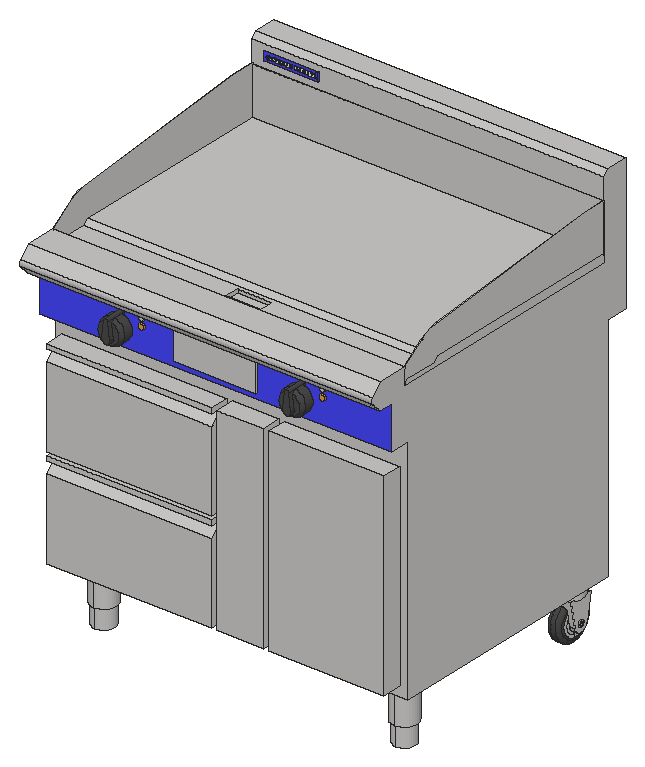
Revit family "QF_MOFFAT_BLUESEAL_CE_EP516-RB", category Specialty Equipment, Revit 2012
Parameters
  Weight in Pounds = 347  # constant formula
  Width [instance] = 900 mm  # constant formula
  Watts = 12000 W
  Volts = 400 V
  URL Cutsheet = "www.moffat.com"
  URL = "www.moffat.com"
  Type Mark [instance] = ""
  Status [instance] = ""
  Specification by User [instance] = ""
  Specification by Manufacturer = ""
  Show Logo [instance] = yes
  Show Door [instance] = no
  Show Clearance [instance] = yes
  Show Casters [instance] = yes
  Serial Number = ""
  Seismic Rating = ""
  SMACNA No = ""
  Revision Code [instance] = ""
  Refrigerant Type [instance] = "R134a"
  Phase = 3
  Omniclass Number and Title = ""
  Number of Poles = 1
  NAFEM Spec ID Number = ""
  Model = "EP516-RB"
  Min Ckt Ampacity = 0 A
  Max Overcurrent Protection = 0 A
  Masterspec = ""
  Manufacturer = "MOFFAT BLUESEAL"
  Legs [instance] = not(Show Casters)  # no
  Item Number [instance] = ""
  Installed By [instance] = ""
  Identify Quantity as Lot [instance] = yes
  Height = 1085 mm  # constant formula
  HP = ""
  Furnished By [instance] = ""
  Foodservice Equipment Identifier [instance] = yes
  FL Amps = 16.6 A
  Electrical Remarks [instance] = "16.6A PER PHASE"
  Elec Conn RI Height = 0 mm
  Elec Conn Connection Height = 0 mm
  Drawer Clearance [instance] = and(Show Clearance, and(Drawer))  # yes
  Drawer [instance] = not(Show Door)  # yes
  Door Clearance [instance] = and(Show Clearance, and(Show Door))  # no
  Description = "900MM ELECTRIC GRIDDLE PLATE ON REFRIGERATED BASE"
  Depth [instance] = 812 mm  # constant formula
  Cycle = 50 Hz
  Conn Plug = ""
  Conn Conduit = yes
  CSI MasterFormat = ""
  CSI Master Format = ""
  Back Splash [instance] = 215 mm  # constant formula
  Apparent Power = if(Phase = 3, Volts * FL Amps * 1.73, Volts * FL Amps)  # 11487.2 VA
Reference planes
  plane 1 "BACK": y = 0
  plane 2: z = 0
  plane 3 "LEFT": x = 0
  plane 4 "RIGHT": x = 900
  plane 5 "FRONT": y = -812
  plane 6 "TOP": z = 970
  plane 7 "Center Y": x = 450
  plane 8 "Center X": y = -406
  plane 9 "Base Height": z = 150
  plane 10: z = 915
  plane 11: x = 65
  plane 12: x = 834
  plane 13: y = -625
  plane 14: x = 770
  plane 15: z = 655
  plane 16: y = -32
  plane 17: z = 402
  plane 18: z = 1085
  plane 19: y = -100
Forms (mm)
  Extrusion 1, solid, material "QF_Finishes_Stainless Steel"
    sketch origin (0, 0, 0) x (0, 1, 0) y (0, 0, 1)
      loop
        line (-697, 150) -> (-57, 150) -> (-57, 740) -> (0, 740) -> (0, 1085) -> (-57.5, 1085) -> (-70, 1072.5) -> (-70, 875) -> (-705, 875) -> (-705, 915) -> (-783.97, 915) -> (-808.485, 890.485)
        arc (-808.485, 890.485) -> (-811.999, 882) -> (-808.485, 873.515) r 12
        line (-808.485, 873.515) -> (-784.97, 850) -> (-749, 850) -> (-749, 740) -> (-697, 740) -> (-697, 150)
    from 0 to 900
  Revolve 2, solid, material "QF_Finishes_Stainless Steel", visible <- "Legs"
    sketch origin (834, -210, 0) x (0, 1, 0) y (0, 0, -1)
      loop
        line (78.25, -150) -> (110, -150) -> (110, 0) -> (82.5, 0) -> (82.5, -50) -> (78.25, -50) -> (78.25, -150)
      axis (110, -150) -> (110, 0)
    angle from 0 to 360
  Revolve 3, solid, material "QF_Finishes_Stainless Steel"
    sketch origin (834, -735, 0) x (0, 1, 0) y (0, 0, -1)
      loop
        line (78.25, -150) -> (110, -150) -> (110, 0) -> (82.5, 0) -> (82.5, -50) -> (78.25, -50) -> (78.25, -150)
      axis (110, -150) -> (110, 0)
    angle from 0 to 360
  Revolve 4, solid, material "QF_Finishes_Stainless Steel", visible <- "Legs"
    sketch origin (65, -210, 0) x (0, 1, 0) y (0, 0, -1)
      loop
        line (78.25, -150) -> (110, -150) -> (110, 0) -> (82.5, 0) -> (82.5, -50) -> (78.25, -50) -> (78.25, -150)
      axis (110, -150) -> (110, 0)
    angle from 0 to 360
  Revolve 5, solid, material "QF_Finishes_Stainless Steel"
    sketch origin (65, -735, 0) x (0, 1, 0) y (0, 0, -1)
      loop
        line (78.25, -150) -> (110, -150) -> (110, 0) -> (82.5, 0) -> (82.5, -50) -> (78.25, -50) -> (78.25, -150)
      axis (110, -150) -> (110, 0)
    angle from 0 to 360
  Extrusion 6, solid, material "QF_Finishes_Stainless Steel"
    sketch origin (0, 0, 740) x (-1, 0, 0) y (0, 1, 0)
      loop
        circle (-770, -32) r 13.5
    from 0 to -1
  Extrusion 7, solid, material "QF_Finishes_Stainless Steel"
    sketch origin (0, -57, 685) x (0, 0, 1) y (1, 0, 0)
      loop
        circle (-265, 620) r 13.5
    from 0 to 3.18
  Extrusion 8, solid, material "QF_Finishes_Stainless Steel"
    sketch origin (0, -749, 866) x (0, 0, -1) y (1, 0, 0)
      loop
        circle (41.2, 262.505) r 7.15
      loop
        circle (41.2, 725.121) r 7.15
    from 0 to 3.18
  Revolve 9, solid, material "QF_Finishes_Black"
    sketch origin (217.5, 0, 597.8) x (0, 1, 0) y (0, 0, -1)
      loop
        line (-789, -229.5) -> (-766, -229.5) -> (-766, -202) -> (-756, -202) -> (-756, -197) -> (-800, -197) -> (-800, -223.651) -> (-789, -229.5)
      axis (-800, -197) -> (-756, -197)
    angle from 0 to 360
  Extrusion 10, solid, material "QF_Finishes_Black"
    sketch origin (355.77, 0, 597.958) x (-1, 0, 0) y (0, 0, -1)
      loop
        line (127.85, -186.037) -> (133.271, -228.955)
        arc (133.271, -228.955) -> (138.27, -233.842) -> (143.268, -228.955) r 5
        line (143.268, -228.955) -> (148.757, -184.87)
        arc (148.757, -184.87) -> (137.685, -174.371) -> (127.85, -186.037) r 10.487
    from 759 to 808
  Revolve 11, solid, material "QF_Finishes_Black"
    sketch origin (680.116, 0, 597.8) x (0, 1, 0) y (0, 0, -1)
      loop
        line (-789, -229.5) -> (-766, -229.5) -> (-766, -202) -> (-756, -202) -> (-756, -197) -> (-800, -197) -> (-800, -223.651) -> (-789, -229.5)
      axis (-800, -197) -> (-756, -197)
    angle from 0 to 360
  Extrusion 12, solid, material "QF_Finishes_Black"
    sketch origin (818.385, 0, 597.958) x (-1, 0, 0) y (0, 0, -1)
      loop
        line (127.85, -186.037) -> (133.271, -228.955)
        arc (133.271, -228.955) -> (138.27, -233.842) -> (143.268, -228.955) r 5
        line (143.268, -228.955) -> (148.757, -184.87)
        arc (148.757, -184.87) -> (137.685, -174.371) -> (127.85, -186.037) r 10.487
    from 759 to 808
  Revolve 13, solid, material "QF_Finishes_Stainless Steel", visible <- "Show Casters"
    sketch origin (485.423, -100.755, -12.798) x (1, 0, 0) y (0, 0, 1)
      loop
        line (314.841, 63.604) -> (383.584, 63.604) -> (383.584, 67.109) -> (382.314, 68.379) -> (380.79, 68.379) -> (380.79, 71.826) -> (368.644, 71.826) -> (368.644, 81.79) -> (365.088, 83.843) -> (363.738, 92.179) -> (365.881, 92.179) -> (365.881, 98.529) -> (365.088, 98.529) -> (365.088, 104.879)
        arc (365.088, 104.879) -> (362.298, 111.614) -> (355.563, 114.404) r 9.525
        line (355.563, 114.404) -> (342.863, 114.404)
        arc (342.863, 114.404) -> (336.127, 111.614) -> (333.338, 104.879) r 9.525
        line (333.338, 104.879) -> (333.338, 98.529) -> (332.544, 98.529) -> (332.544, 92.179) -> (334.687, 92.179) -> (333.352, 83.932) -> (329.782, 81.871) -> (329.782, 71.826) -> (317.635, 71.826) -> (317.635, 68.379) -> (316.111, 68.379) -> (314.841, 67.109) -> (314.841, 63.604)
      axis (314.841, 63.604) -> (383.584, 63.604)
    angle from 0 to 360
  Extrusion 14, solid, material "QF_Finishes_Stainless Steel", visible <- "Show Casters"
    sketch origin (841.147, 132.353, -9.137) x (0, 1, 0) y (0, 0, 1)
      loop
        line (-200.603, 118.783) -> (-264.103, 118.783) -> (-251.746, 53.895)
        arc (-251.746, 53.895) -> (-232.353, 38.783) -> (-212.959, 53.895) r 20
        line (-212.959, 53.895) -> (-200.603, 118.783)
    from -35.667 to 22.923
  Revolve 15, solid, material "QF_Finishes_Stainless Steel", visible <- "Show Casters"
    sketch origin (834.646, -204, -0.354) x (0, 1, 0) y (0, 0, 1)
      loop
        line (68.25, 150) -> (68.25, 110) -> (104, 110) -> (104, 150) -> (68.25, 150)
      axis (104, 150) -> (104, 110)
    angle from 0 to 360
  Revolve 16, solid, material "QF_Finishes_Stainless Steel", visible <- "Show Casters"
    sketch origin (-283.577, -100.755, -12.798) x (1, 0, 0) y (0, 0, 1)
      loop
        line (314.841, 63.604) -> (383.584, 63.604) -> (383.584, 67.109) -> (382.314, 68.379) -> (380.79, 68.379) -> (380.79, 71.826) -> (368.644, 71.826) -> (368.644, 81.79) -> (365.088, 83.843) -> (363.738, 92.179) -> (365.881, 92.179) -> (365.881, 98.529) -> (365.088, 98.529) -> (365.088, 104.879)
        arc (365.088, 104.879) -> (362.298, 111.614) -> (355.563, 114.404) r 9.525
        line (355.563, 114.404) -> (342.863, 114.404)
        arc (342.863, 114.404) -> (336.127, 111.614) -> (333.338, 104.879) r 9.525
        line (333.338, 104.879) -> (333.338, 98.529) -> (332.544, 98.529) -> (332.544, 92.179) -> (334.687, 92.179) -> (333.352, 83.932) -> (329.782, 81.871) -> (329.782, 71.826) -> (317.635, 71.826) -> (317.635, 68.379) -> (316.111, 68.379) -> (314.841, 67.109) -> (314.841, 63.604)
      axis (314.841, 63.604) -> (383.584, 63.604)
    angle from 0 to 360
  Extrusion 17, solid, material "QF_Finishes_Stainless Steel", visible <- "Show Casters"
    sketch origin (72.147, 132.353, -9.137) x (0, 1, 0) y (0, 0, 1)
      loop
        line (-200.603, 118.783) -> (-264.103, 118.783) -> (-251.746, 53.895)
        arc (-251.746, 53.895) -> (-232.353, 38.783) -> (-212.959, 53.895) r 20
        line (-212.959, 53.895) -> (-200.603, 118.783)
    from -35.667 to 22.923
  Revolve 18, solid, material "QF_Finishes_Stainless Steel", visible <- "Show Casters"
    sketch origin (65.646, -204, -0.354) x (0, 1, 0) y (0, 0, 1)
      loop
        line (68.25, 150) -> (68.25, 110) -> (104, 110) -> (104, 150) -> (68.25, 150)
      axis (104, 150) -> (104, 110)
    angle from 0 to 360
  Extrusion 19, solid, material "QF_Finishes_Orange"
    sketch origin (0, -749, 866) x (0, 0, -1) y (1, 0, 0)
      loop
        circle (61.2, 262.505) r 7.15
      loop
        circle (61.2, 725.121) r 7.15
    from 0 to 3.18
  Extrusion 20, solid, material "QF_Finishes_Stainless Steel"
    sketch origin (0, -749, 866) x (0, 0, -1) y (1, 0, 0)
      loop
        line (112.1, 345) -> (112.1, 555) -> (25.201, 555) -> (25.201, 345) -> (112.1, 345)
    from 0 to 2
  Extrusion 21, solid, material "QF_Finishes_Stainless Steel"
    sketch origin (0, -751, 866) x (0, 0, -1) y (1, 0, 0)
      loop
        line (31, 555) -> (24, 555) -> (24, 345) -> (31, 345) -> (31, 555)
    from 0 to 5
  Extrusion 22, solid, material "QF_Finishes_Stainless Steel"
    sketch origin (0, 0, 0) x (0, 1, 0) y (0, 0, 1)
      loop
        line (-699, 678) -> (-747, 678) -> (-747, 665) -> (-715.13, 665) -> (-749, 636.579) -> (-749, 431) -> (-699, 431) -> (-699, 678)
      loop
        line (-749, 175) -> (-699, 175) -> (-699, 421) -> (-747, 421) -> (-747, 408) -> (-715.13, 408) -> (-749, 379.579) -> (-749, 175)
    from 17.986 to 440
  Extrusion 23, solid, material "QF_Finishes_Stainless Steel"
    sketch origin (723.5, 0, 0) x (0, 1, 0) y (0, 0, 1)
      loop
        line (-699, 678) -> (-749, 678) -> (-749, 175) -> (-699, 175) -> (-699, 678)
    from -270.5 to -150.5
  Extrusion 24, solid, material "QF_Door-Drawer Clearances", visible <- "Show Clearance", detail levels coarse
    sketch origin (0, -749, 676) x (0, 0, -1) y (1, 0, 0)
      loop
        line (501, 440) -> (255, 440) -> (255, 17.986) -> (501, 17.986) -> (501, 440)
      loop
        line (245, 440) -> (-2, 440) -> (-2, 17.986) -> (245, 17.986) -> (245, 440)
    from 0 to 304.8
  Extrusion 25, solid, material "QF_Finishes_Stainless Steel"
    sketch origin (1031.5, 0, 0) x (0, 1, 0) y (0, 0, 1)
      loop
        line (-699, 678) -> (-749, 678) -> (-749, 175) -> (-699, 175) -> (-699, 678)
    from -444.5 to -150.5
Cuts and joins
  joined: Extrusion 20, Extrusion 21
Lines and regions (mm)
  Split face 1
    outline origin (0, 612.322, 1085) x (0, -1, 0) y (1, 0, 0)
      loop
        arc (657.707, 566) -> (652.707, 574.66) -> (642.707, 574.66) r 10
        line (642.707, 574.66) -> (635.707, 570.619)
        arc (635.707, 570.619) -> (632.047, 566.959) -> (630.707, 561.959) r 10
        line (630.707, 561.959) -> (630.707, 334)
        arc (630.707, 334) -> (635.707, 325.34) -> (645.707, 325.34) r 10
        line (645.707, 325.34) -> (652.707, 329.381)
        arc (652.707, 329.381) -> (656.368, 333.041) -> (657.707, 338.041) r 10
        line (657.707, 338.041) -> (657.707, 566)
  Split face 2
    outline origin (0, 612.322, 1085) x (0, -1, 0) y (1, 0, 0)
      loop
        arc (630.707, 624) -> (635.707, 615.34) -> (645.707, 615.34) r 10
        line (645.707, 615.34) -> (652.707, 619.381)
        arc (652.707, 619.381) -> (656.368, 623.041) -> (657.707, 628.041) r 10
        line (657.707, 628.041) -> (657.707, 856)
        arc (657.707, 856) -> (652.707, 864.66) -> (642.707, 864.66) r 10
        line (642.707, 864.66) -> (635.707, 860.619)
        arc (635.707, 860.619) -> (632.047, 856.959) -> (630.707, 851.959) r 10
        line (630.707, 851.959) -> (630.707, 624)
  Split face 3
    outline origin (0, 612.322, 1085) x (0, -1, 0) y (1, 0, 0)
      loop
        arc (657.707, 276) -> (652.707, 284.66) -> (642.707, 284.66) r 10
        line (642.707, 284.66) -> (635.707, 280.619)
        arc (635.707, 280.619) -> (632.047, 276.959) -> (630.707, 271.959) r 10
        line (630.707, 271.959) -> (630.707, 44)
        arc (630.707, 44) -> (635.707, 35.34) -> (645.707, 35.34) r 10
        line (645.707, 35.34) -> (652.707, 39.381)
        arc (652.707, 39.381) -> (656.368, 43.041) -> (657.707, 48.041) r 10
        line (657.707, 48.041) -> (657.707, 276)
  Split face 4
    outline origin (345, -751, 753.9) x (0, 0, -1) y (1, 0, 0)
      loop
        arc (-69, 112) -> (-73, 116) -> (-77, 112) r 4
        line (-77, 112) -> (-77, 98)
        arc (-77, 98) -> (-73, 94) -> (-69, 98) r 4
        line (-69, 98) -> (-69, 112)
  Split face 5
    outline origin (1031.5, -749, 676) x (0, 0, -1) y (1, 0, 0)
      loop
        line (291.62, -416.534) -> (481.62, -416.534) -> (481.62, -181.534) -> (291.62, -181.534) -> (291.62, -416.534)
  Split face 6
    outline origin (1031.5, -749, 931) x (0, 0, -1) y (1, 0, 0)
      loop
        line (291.62, -416.534) -> (356.62, -416.534) -> (356.62, -181.534) -> (291.62, -181.534) -> (291.62, -416.534)
  Split face 7
    outline origin (1031.5, -749, 807.725) x (0, 0, -1) y (1, 0, 0)
      loop
        line (307.841, -274.649) -> (342.841, -274.649) -> (342.841, -219.649) -> (307.841, -219.649) -> (307.841, -274.649)
  Split face 8
    outline origin (939.097, -749, 808.536) x (0, 0, -1) y (1, 0, 0)
      loop
        line (307.841, -274.649) -> (342.841, -274.649) -> (342.841, -239.649) -> (307.841, -239.649) -> (307.841, -274.649)
  symbolic lines
    curve 1: line (0, 0, 0) -> (0, -812, 0)
    curve 2: line (900, 0, 0) -> (0, 0, 0)
    curve 3: line (900, -812, 0) -> (900, 0, 0)
    curve 4: line (0, -812, 0) -> (900, -812, 0)
    curve 13: line (0, -783.97, 0) -> (900, -783.97, 0)
    curve 14: line (44, -18.385, 0) -> (271.959, -18.385, 0)
    curve 15: arc (271.959, -18.385, 0) -> (276.959, -19.725, 0) -> (280.619, -23.385, 0) r 10
    curve 16: line (280.619, -23.385, 0) -> (284.66, -30.385, 0)
    curve 17: arc (284.66, -30.385, 0) -> (284.66, -40.385, 0) -> (276, -45.385, 0) r 10
    curve 18: line (276, -45.385, 0) -> (48.041, -45.385, 0)
    curve 19: arc (48.041, -45.385, 0) -> (43.041, -44.045, 0) -> (39.381, -40.385, 0) r 10
    curve 20: line (39.381, -40.385, 0) -> (35.34, -33.385, 0)
    curve 21: arc (35.34, -33.385, 0) -> (35.34, -23.385, 0) -> (44, -18.385, 0) r 10
    curve 22: line (561.959, -18.385, 0) -> (334, -18.385, 0)
    curve 23: arc (334, -18.385, 0) -> (325.34, -23.385, 0) -> (325.34, -33.385, 0) r 10
    curve 24: line (325.34, -33.385, 0) -> (329.381, -40.385, 0)
    curve 25: arc (329.381, -40.385, 0) -> (333.041, -44.045, 0) -> (338.041, -45.385, 0) r 10
    curve 26: line (338.041, -45.385, 0) -> (566, -45.385, 0)
    curve 27: arc (566, -45.385, 0) -> (574.66, -40.385, 0) -> (574.66, -30.385, 0) r 10
    curve 28: line (574.66, -30.385, 0) -> (570.619, -23.385, 0)
    curve 29: arc (570.619, -23.385, 0) -> (566.959, -19.725, 0) -> (561.959, -18.385, 0) r 10
    curve 30: line (851.959, -18.385, 0) -> (624, -18.385, 0)
    curve 31: arc (624, -18.385, 0) -> (615.34, -23.385, 0) -> (615.34, -33.385, 0) r 10
    curve 32: line (615.34, -33.385, 0) -> (619.381, -40.385, 0)
    curve 33: arc (619.381, -40.385, 0) -> (623.041, -44.045, 0) -> (628.041, -45.385, 0) r 10
    curve 34: line (628.041, -45.385, 0) -> (856, -45.385, 0)
    curve 35: arc (856, -45.385, 0) -> (864.66, -40.385, 0) -> (864.66, -30.385, 0) r 10
    curve 36: line (864.66, -30.385, 0) -> (860.619, -23.385, 0)
    curve 37: arc (860.619, -23.385, 0) -> (856.959, -19.725, 0) -> (851.959, -18.385, 0) r 10
    curve 38: line (900, -57, 0) -> (0, -57, 0)
  symbolic lines, style "SpecialityEquipmentHiddenLines", visible <- "Show Casters"
    curve 5: line (875.952, -62.61, 0) -> (825.152, -150.598, 0)
    curve 6: line (848.456, -46.735, 0) -> (875.952, -62.61, 0)
    curve 7: line (797.656, -134.723, 0) -> (848.456, -46.735, 0)
    curve 8: line (825.152, -150.598, 0) -> (797.656, -134.723, 0)
    curve 9: line (106.952, -62.61, 0) -> (56.152, -150.598, 0)
    curve 10: line (79.456, -46.735, 0) -> (106.952, -62.61, 0)
    curve 11: line (28.656, -134.723, 0) -> (79.456, -46.735, 0)
    curve 12: line (56.152, -150.598, 0) -> (28.656, -134.723, 0)
Dimensions and locks
  equal spacing: plane 3 "LEFT", plane 7 "Center Y", plane 4 "RIGHT"
  "Width": plane 3 "LEFT" to plane 4 "RIGHT"
  equal spacing: plane 5 "FRONT", plane 8 "Center X", plane 1 "BACK"
  "Depth": plane 5 "FRONT" to plane 1 "BACK"
  locked: plane 10 to level at 915
  locked: plane 9 "Base Height" to level at 150
  plane 6 "TOP" to plane 10 = 55 mm
  plane 12 to plane 11 = 769 mm
  plane 14 to plane 4 "RIGHT" = 130 mm
  plane 15 to level = 655 mm
  plane 16 to plane 1 "BACK" = 32 mm
  plane 17 to level = 402 mm
  Revolve 13 sketch curve to Revolve 13 sketch curve = 50.8 mm
  Revolve 16 sketch curve to Revolve 16 sketch curve = 50.8 mm
  "Height": plane 18 to level
  aligned and locked: level to plane 2
Automatic sketch dimensions
  plane 1 "BACK" to curve 1 = 0 mm
  curve 1 to plane 3 "LEFT" = 0 mm
  curve 4 to plane 4 "RIGHT" = 0 mm
  plane 5 "FRONT" to curve 1 = 0 mm
  plane 3 "LEFT" to curve 11 = 28.656 mm
  curve 21 to plane 16 = 1.385 mm
  curve 21 to plane 11 = 29.66 mm
  curve 20 to plane 16 = 8.385 mm
  curve 21 to curve 20 = 4.041 mm
  plane 16 to curve 21 = 3.615 mm
  curve 21 to curve 21 = 8.66 mm
  curve 20 to curve 19 = 8.66 mm
  curve 9 to plane 11 = 8.848 mm
  plane 11 to curve 11 = 14.456 mm
  curve 9 to curve 15 = 165.007 mm
  curve 15 to curve 18 = 4.041 mm
  plane 16 to curve 15 = 8.615 mm
  curve 14 to curve 15 = 8.66 mm
  plane 16 to curve 17 = 1.615 mm
  curve 16 to curve 17 = 4.041 mm
  curve 23 to plane 16 = 1.385 mm
  curve 16 to curve 23 = 40.679 mm
  curve 24 to curve 25 = 4.041 mm
  curve 23 to curve 22 = 8.66 mm
  curve 25 to curve 26 = 8.66 mm
  plane 16 to curve 29 = 13.615 mm
  curve 29 to curve 26 = 4.041 mm
  plane 16 to curve 29 = 8.615 mm
  curve 22 to curve 29 = 8.66 mm
  plane 16 to curve 28 = 1.615 mm
  curve 28 to curve 28 = 4.041 mm
  curve 32 to curve 34 = 8.66 mm
  plane 14 to curve 8 = 27.656 mm
  plane 12 to curve 5 = 8.848 mm
  curve 6 to plane 12 = 14.456 mm
  curve 30 to plane 12 = 17.959 mm
  curve 6 to curve 35 = 7.544 mm
  plane 16 to curve 36 = 8.615 mm
  curve 30 to curve 36 = 8.66 mm
  plane 16 to curve 35 = 1.615 mm
  curve 36 to curve 35 = 4.041 mm
  curve 13 to plane 5 "FRONT" = 28.03 mm
  plane 19 to curve 8 = 50.598 mm
  plane 19 to curve 9 = 50.598 mm
  curve 9 to curve 12 = 15.875 mm
  curve 5 to curve 7 = 15.875 mm
  curve 38 to plane 16 = 25 mm
  curve 6 to curve 35 = 1.35 mm
  curve 25 to plane 16 = 13.385 mm
  curve 19 to curve 20 = 5 mm
  curve 25 to curve 24 = 7 mm
  curve 32 to plane 16 = 8.385 mm
  curve 32 to plane 16 = 1.385 mm
  plane 16 to curve 37 = 3.615 mm
  Extrusion 1 sketch curve to plane 10 = 0 mm
  Extrusion 1 sketch curve to plane 9 "Base Height" = 0 mm
  Extrusion 1 sketch curve to plane 18 = 0 mm
  Extrusion 1 sketch curve to plane 1 "BACK" = 0 mm
  Extrusion 1 sketch curve to plane 16 = 25 mm
  Extrusion 1 sketch curve to plane 16 = 25.5 mm
  Extrusion 1 sketch curve to plane 19 = 30 mm
  Extrusion 1 sketch curve to plane 13 = 72 mm
  Extrusion 1 sketch curve to plane 13 = 80 mm
  Extrusion 1 sketch curve to Extrusion 1 sketch curve = 44 mm
  Extrusion 1 sketch curve to plane 5 "FRONT" = 28.03 mm
  Extrusion 1 sketch curve to plane 5 "FRONT" = 27.03 mm
  Extrusion 1 sketch curve to plane 5 "FRONT" = 12.001 mm
  Extrusion 1 sketch curve to plane 5 "FRONT" = 3.515 mm  (x2)
  plane 15 to Extrusion 1 sketch curve = 85 mm  (x2)
  Extrusion 1 sketch curve to plane 10 = 65 mm
  Extrusion 1 sketch curve to Extrusion 1 sketch curve = 23.515 mm
  Extrusion 1 sketch curve to Extrusion 1 sketch curve = 40 mm
  Extrusion 1 sketch curve to Extrusion 1 sketch curve = 8.485 mm
  Extrusion 1 sketch curve to plane 18 = 12.5 mm
  Revolve 2 sketch curve to plane 9 "Base Height" = 0 mm
  Revolve 2 sketch curve to level = 0 mm
  Revolve 2 sketch curve to plane 19 = 0 mm  (x2)
  plane 19 to Revolve 2 sketch curve = 27.5 mm
  plane 19 to Revolve 2 sketch curve = 31.75 mm
  level to Revolve 2 sketch curve = 50 mm
  Revolve 2 sketch curve to Revolve 2 sketch curve = 0 mm
  Revolve 2 sketch curve to Revolve 2 sketch curve = 55 mm
  Revolve 3 sketch curve to plane 9 "Base Height" = 0 mm
  Revolve 3 sketch curve to level = 0 mm
  Revolve 3 sketch curve to plane 13 = 0 mm  (x2)
  Revolve 3 sketch curve to plane 13 = 27.5 mm
  Revolve 3 sketch curve to plane 13 = 31.75 mm
  level to Revolve 3 sketch curve = 50 mm
  Revolve 3 sketch curve to Revolve 3 sketch curve = 0 mm
  Revolve 3 sketch curve to Revolve 3 sketch curve = 55 mm
  Revolve 4 sketch curve to plane 9 "Base Height" = 0 mm
  Revolve 4 sketch curve to level = 0 mm
  Revolve 4 sketch curve to plane 19 = 0 mm  (x2)
  plane 19 to Revolve 4 sketch curve = 27.5 mm
  plane 19 to Revolve 4 sketch curve = 31.75 mm
  level to Revolve 4 sketch curve = 50 mm
  Revolve 4 sketch curve to Revolve 4 sketch curve = 0 mm
  Revolve 4 sketch curve to Revolve 4 sketch curve = 55 mm
  Revolve 5 sketch curve to plane 9 "Base Height" = 0 mm
  Revolve 5 sketch curve to level = 0 mm
  Revolve 5 sketch curve to plane 13 = 0 mm  (x2)
  Revolve 5 sketch curve to plane 13 = 27.5 mm
  Revolve 5 sketch curve to plane 13 = 31.75 mm
  level to Revolve 5 sketch curve = 50 mm
  Revolve 5 sketch curve to Revolve 5 sketch curve = 0 mm
  Revolve 5 sketch curve to Revolve 5 sketch curve = 55 mm
  Extrusion 6 sketch curve to Extrusion 1 = 25 mm
  Extrusion 6 sketch curve to Extrusion 1 = 130 mm
  Extrusion 1 to Extrusion 7 sketch curve = 270 mm
  Extrusion 1 to Extrusion 7 sketch curve = 280 mm
  Extrusion 8 sketch curve to Extrusion 1 = 25.2 mm  (x2)
  Extrusion 1 to Extrusion 8 sketch curve = 262.505 mm
  Extrusion 1 to Extrusion 8 sketch curve = 174.879 mm
  Revolve 9 sketch curve to plane 5 "FRONT" = 12 mm
  Revolve 9 sketch curve to Revolve 9 sketch curve = 0 mm  (x2)
  Revolve 9 sketch curve to Revolve 9 sketch curve = 11 mm
  Revolve 9 sketch curve to Revolve 9 sketch curve = 12.7 mm
  Revolve 9 sketch curve to Revolve 9 sketch curve = 23 mm
  Revolve 9 sketch curve to Revolve 9 sketch curve = 10 mm
  Revolve 9 sketch curve to plane 10 = 87.7 mm
  Revolve 9 sketch curve to Revolve 9 sketch curve = 5.849 mm
  Revolve 9 sketch curve to Revolve 9 sketch curve = 27.5 mm
  Revolve 9 sketch curve to Revolve 9 sketch curve = 5 mm
  plane 11 to Extrusion 10 sketch curve = 162.919 mm
  Extrusion 10 sketch curve to Extrusion 10 sketch curve = 5.421 mm
  Extrusion 10 sketch curve to Extrusion 10 sketch curve = 10.419 mm
  Extrusion 10 sketch curve to Extrusion 10 sketch curve = 4.999 mm  (x2)
  Extrusion 10 sketch curve to plane 10 = 88.087 mm
  Extrusion 10 sketch curve to Extrusion 10 sketch curve = 10.487 mm
  Extrusion 10 sketch curve to Extrusion 10 sketch curve = 0.113 mm
  Extrusion 10 sketch curve to Extrusion 10 sketch curve = 42.919 mm
  Extrusion 10 sketch curve to Extrusion 10 sketch curve = 1.167 mm
  Revolve 11 sketch curve to plane 5 "FRONT" = 12 mm
  Revolve 11 sketch curve to Revolve 11 sketch curve = 0 mm  (x2)
  Revolve 11 sketch curve to Revolve 11 sketch curve = 11 mm
  Revolve 11 sketch curve to Revolve 11 sketch curve = 12.7 mm
  Revolve 11 sketch curve to Revolve 11 sketch curve = 23 mm
  Revolve 11 sketch curve to Revolve 11 sketch curve = 10 mm
  Revolve 11 sketch curve to plane 10 = 87.7 mm
  Revolve 11 sketch curve to Revolve 11 sketch curve = 5.849 mm
  Revolve 11 sketch curve to Revolve 11 sketch curve = 27.5 mm
  Revolve 11 sketch curve to Revolve 11 sketch curve = 5 mm
  Extrusion 12 sketch curve to Extrusion 12 sketch curve = 5.421 mm
  Extrusion 12 sketch curve to Extrusion 12 sketch curve = 10.419 mm
  Extrusion 12 sketch curve to Extrusion 12 sketch curve = 4.999 mm  (x2)
  Extrusion 12 sketch curve to Extrusion 12 sketch curve = 10.487 mm
  Extrusion 12 sketch curve to plane 10 = 88.087 mm
  Extrusion 12 sketch curve to Extrusion 12 sketch curve = 0.113 mm
  Extrusion 12 sketch curve to Extrusion 12 sketch curve = 42.919 mm
  Extrusion 12 sketch curve to Extrusion 12 sketch curve = 1.167 mm
  plane 14 to Revolve 13 sketch curve = 30.264 mm
  Revolve 13 sketch curve to Revolve 13 sketch curve = 1.27 mm  (x4)
  Revolve 13 sketch curve to Revolve 13 sketch curve = 1.524 mm  (x2)
  Revolve 13 sketch curve to Revolve 13 sketch curve = 12.146 mm  (x2)
  plane 12 to Revolve 13 sketch curve = 16.033 mm
  Revolve 13 sketch curve to Revolve 13 sketch curve = 0.794 mm  (x2)
  Revolve 13 sketch curve to Revolve 13 sketch curve = 3.57 mm
  Revolve 13 sketch curve to Revolve 13 sketch curve = 2.143 mm
  plane 12 to Revolve 13 sketch curve = 5.715 mm
  Revolve 13 sketch curve to plane 12 = 5.776 mm
  Revolve 13 sketch curve to plane 12 = 6.985 mm
  Revolve 13 sketch curve to Revolve 13 sketch curve = 8.176 mm
  Revolve 13 sketch curve to Revolve 13 sketch curve = 1.349 mm  (x2)
  Revolve 13 sketch curve to Revolve 13 sketch curve = 3.556 mm
  Revolve 13 sketch curve to plane 4 "RIGHT" = 2.327 mm
  level to Revolve 13 sketch curve = 50.806 mm
  Revolve 13 sketch curve to Revolve 13 sketch curve = 0 mm
  Revolve 13 sketch curve to Revolve 13 sketch curve = 3.505 mm  (x2)
  Revolve 13 sketch curve to Revolve 13 sketch curve = 3.447 mm  (x2)
  Revolve 13 sketch curve to Revolve 13 sketch curve = 9.964 mm
  Revolve 13 sketch curve to Revolve 13 sketch curve = 10.045 mm
  Revolve 13 sketch curve to Revolve 13 sketch curve = 2.053 mm
  Revolve 13 sketch curve to Revolve 13 sketch curve = 2.061 mm
  Revolve 13 sketch curve to Revolve 13 sketch curve = 8.247 mm
  Revolve 13 sketch curve to Revolve 13 sketch curve = 8.336 mm
  Revolve 13 sketch curve to Revolve 13 sketch curve = 6.35 mm  (x2)
  Extrusion 14 sketch curve to plane 19 = 0 mm
  plane 19 to Extrusion 14 sketch curve = 19.393 mm
  plane 19 to Extrusion 14 sketch curve = 31.75 mm
  Extrusion 14 sketch curve to plane 19 = 19.393 mm
  Extrusion 14 sketch curve to plane 19 = 31.75 mm
  level to Extrusion 14 sketch curve = 44.758 mm
  Extrusion 14 sketch curve to Extrusion 14 sketch curve = 4.889 mm
  Extrusion 14 sketch curve to plane 9 "Base Height" = 40.354 mm
  Revolve 15 sketch curve to plane 19 = 0 mm  (x2)
  Revolve 15 sketch curve to plane 9 "Base Height" = 0.354 mm
  Revolve 15 sketch curve to Revolve 15 sketch curve = 35.75 mm
  Revolve 15 sketch curve to Revolve 15 sketch curve = 40 mm
  level to Revolve 15 sketch curve = 49.646 mm
  Revolve 15 sketch curve to level = 55.354 mm
  plane 3 "LEFT" to Revolve 16 sketch curve = 31.264 mm
  Revolve 16 sketch curve to Revolve 16 sketch curve = 1.27 mm  (x4)
  Revolve 16 sketch curve to Revolve 16 sketch curve = 1.524 mm  (x2)
  Revolve 16 sketch curve to Revolve 16 sketch curve = 12.146 mm  (x2)
  Revolve 16 sketch curve to plane 11 = 16.033 mm
  Revolve 16 sketch curve to Revolve 16 sketch curve = 0.794 mm  (x2)
  Revolve 16 sketch curve to Revolve 16 sketch curve = 3.57 mm
  Revolve 16 sketch curve to Revolve 16 sketch curve = 2.143 mm
  Revolve 16 sketch curve to plane 11 = 5.715 mm
  plane 11 to Revolve 16 sketch curve = 5.776 mm
  plane 11 to Revolve 16 sketch curve = 6.985 mm
  Revolve 16 sketch curve to Revolve 16 sketch curve = 8.176 mm
  Revolve 16 sketch curve to Revolve 16 sketch curve = 1.349 mm  (x2)
  Revolve 16 sketch curve to Revolve 16 sketch curve = 3.556 mm
  Revolve 16 sketch curve to Revolve 16 sketch curve = 33.32 mm
  level to Revolve 16 sketch curve = 50.806 mm
  Revolve 16 sketch curve to Revolve 16 sketch curve = 0 mm
  Revolve 16 sketch curve to Revolve 16 sketch curve = 3.505 mm  (x2)
  Revolve 16 sketch curve to Revolve 16 sketch curve = 3.447 mm  (x2)
  Revolve 16 sketch curve to Revolve 16 sketch curve = 9.964 mm
  Revolve 16 sketch curve to Revolve 16 sketch curve = 10.045 mm
  Revolve 16 sketch curve to Revolve 16 sketch curve = 2.053 mm
  Revolve 16 sketch curve to Revolve 16 sketch curve = 2.061 mm
  Revolve 16 sketch curve to Revolve 16 sketch curve = 8.247 mm
  Revolve 16 sketch curve to Revolve 16 sketch curve = 8.336 mm
  Revolve 16 sketch curve to Revolve 16 sketch curve = 6.35 mm  (x2)
  Extrusion 17 sketch curve to plane 19 = 0 mm
  plane 19 to Extrusion 17 sketch curve = 19.393 mm
  plane 19 to Extrusion 17 sketch curve = 31.75 mm
  Extrusion 17 sketch curve to plane 19 = 19.393 mm
  Extrusion 17 sketch curve to plane 19 = 31.75 mm
  level to Extrusion 17 sketch curve = 44.758 mm
  Extrusion 17 sketch curve to Extrusion 17 sketch curve = 4.889 mm
  Extrusion 17 sketch curve to plane 9 "Base Height" = 40.354 mm
  Revolve 18 sketch curve to plane 19 = 0 mm  (x2)
  Revolve 18 sketch curve to plane 9 "Base Height" = 0.354 mm
  plane 19 to Revolve 18 sketch curve = 35.75 mm
  Revolve 18 sketch curve to Revolve 18 sketch curve = 40 mm
  level to Revolve 18 sketch curve = 49.646 mm
  Revolve 18 sketch curve to level = 55.354 mm
  Split face 1 sketch curve to Extrusion 1 = 18.385 mm
  Split face 1 sketch curve to Split face 1 sketch curve = 5 mm  (x2)
  Split face 1 sketch curve to Split face 1 sketch curve = 10 mm  (x3)
  Split face 1 sketch curve to Split face 1 sketch curve = 7 mm  (x4)
  Split face 1 sketch curve to Extrusion 1 = 325.34 mm
  Split face 1 sketch curve to Split face 1 sketch curve = 4.041 mm  (x2)
  Split face 1 sketch curve to Split face 1 sketch curve = 223.917 mm
  Split face 2 sketch curve to Extrusion 1 = 18.385 mm
  Split face 2 sketch curve to Split face 2 sketch curve = 5 mm  (x3)
  Split face 2 sketch curve to Split face 2 sketch curve = 10 mm  (x2)
  Split face 2 sketch curve to Split face 2 sketch curve = 7 mm  (x4)
  Split face 2 sketch curve to Extrusion 1 = 284.66 mm
  Split face 2 sketch curve to Split face 2 sketch curve = 4.041 mm  (x2)
  Split face 2 sketch curve to Extrusion 1 = 48.041 mm
  Split face 3 sketch curve to Extrusion 1 = 18.385 mm
  Split face 3 sketch curve to Split face 3 sketch curve = 5 mm  (x2)
  Split face 3 sketch curve to Split face 3 sketch curve = 10 mm  (x3)
  Split face 3 sketch curve to Split face 3 sketch curve = 7 mm  (x4)
  Split face 3 sketch curve to Extrusion 1 = 35.34 mm
  Split face 3 sketch curve to Split face 3 sketch curve = 4.041 mm  (x2)
  Split face 3 sketch curve to Split face 3 sketch curve = 223.917 mm
  Extrusion 19 sketch curve to Extrusion 1 = 45.2 mm  (x2)
  Extrusion 1 to Extrusion 19 sketch curve = 262.505 mm
  Extrusion 1 to Extrusion 19 sketch curve = 174.879 mm
  Extrusion 20 sketch curve to Extrusion 1 = 9.201 mm
  Extrusion 20 sketch curve to Extrusion 1 = 13.9 mm
  Extrusion 1 to Extrusion 20 sketch curve = 345 mm
  Extrusion 20 sketch curve to Extrusion 20 sketch curve = 210 mm
  Extrusion 21 sketch curve to Extrusion 20 = 0 mm  (x2)
  Extrusion 20 to Extrusion 21 sketch curve = 1.201 mm
  Extrusion 21 sketch curve to Extrusion 20 = 5.799 mm
  cut or joined group of Extrusion 20, Extrusion 21 to Split face 4 sketch curve = 4.1 mm
  Split face 4 sketch curve to Split face 4 sketch curve = 4 mm
  Split face 4 sketch curve to cut or joined group of Extrusion 20, Extrusion 21 = 98 mm
  Split face 4 sketch curve to Split face 4 sketch curve = 14 mm
  plane 7 "Center Y" to curve 29 = 111.959 mm
  curve 28 to curve 31 = 40.679 mm
  curve 32 to curve 32 = 4.041 mm
  plane 16 to curve 31 = 3.615 mm
  Extrusion 12 sketch curve to plane 14 = 79.465 mm
  Extrusion 22 sketch curve to plane 15 = 18.421 mm
  Extrusion 22 sketch curve to plane 5 "FRONT" = 63 mm  (x2)
  plane 9 "Base Height" to Extrusion 22 sketch curve = 25 mm
  plane 17 to Extrusion 22 sketch curve = 6 mm
  Extrusion 22 sketch curve to Extrusion 22 sketch curve = 2 mm  (x2)
  plane 15 to Extrusion 22 sketch curve = 10 mm
  Extrusion 22 sketch curve to Extrusion 22 sketch curve = 31.87 mm  (x2)
  Extrusion 22 sketch curve to Extrusion 22 sketch curve = 50 mm
  Extrusion 22 sketch curve to Extrusion 22 sketch curve = 0 mm
  Extrusion 22 sketch curve to plane 17 = 22.421 mm
  plane 17 to Extrusion 22 sketch curve = 19 mm
  Extrusion 22 sketch curve to Extrusion 22 sketch curve = 10 mm
  Extrusion 22 sketch curve to Extrusion 22 sketch curve = 13 mm
  plane 9 "Base Height" to Extrusion 23 sketch curve = 25 mm
  Extrusion 23 sketch curve to plane 5 "FRONT" = 63 mm
  Extrusion 23 sketch curve to Extrusion 23 sketch curve = 50 mm
  plane 15 to Extrusion 23 sketch curve = 23 mm
  Extrusion 24 sketch curve to Extrusion 22 = 0 mm  (x3)
  Extrusion 22 to Extrusion 24 sketch curve = 0 mm  (x2)
  Extrusion 22 to Extrusion 24 sketch curve = 41.421 mm
  Extrusion 22 to Extrusion 24 sketch curve = 10 mm
  Extrusion 24 sketch curve to Extrusion 24 sketch curve = 246 mm
  plane 9 "Base Height" to Extrusion 25 sketch curve = 25 mm
  Extrusion 25 sketch curve to plane 5 "FRONT" = 63 mm
  Extrusion 25 sketch curve to Extrusion 25 sketch curve = 50 mm
  plane 15 to Extrusion 25 sketch curve = 23 mm
  Split face 5 sketch curve to Extrusion 25 = 31.034 mm
  Split face 5 sketch curve to Extrusion 25 = 209.38 mm
  Split face 5 sketch curve to Extrusion 25 = 19.38 mm
  Split face 5 sketch curve to Extrusion 25 = 27.966 mm
  Split face 6 sketch curve to Extrusion 25 = 38.62 mm
  Split face 6 sketch curve to Extrusion 25 = 27.966 mm
  Split face 6 sketch curve to Split face 6 sketch curve = 65 mm
  Split face 6 sketch curve to Extrusion 25 = 31.034 mm
  Split face 7 sketch curve to Extrusion 25 = 69.149 mm
  Split face 7 sketch curve to Extrusion 25 = 178.116 mm
  Split face 7 sketch curve to Split face 7 sketch curve = 35 mm
  Split face 7 sketch curve to Split face 7 sketch curve = 55 mm
  Split face 8 sketch curve to Extrusion 25 = 177.305 mm
  Split face 8 sketch curve to Split face 8 sketch curve = 35 mm  (x2)
  Split face 8 sketch curve to Extrusion 25 = 77.448 mm
  radius of Extrusion 6 sketch curve = 13.5 mm
  radius of Extrusion 7 sketch curve = 13.5 mm
  radius of Extrusion 8 sketch curve = 7.15 mm  (x2)
  radius of Extrusion 19 sketch curve = 7.15 mm  (x2)
Nested families
  nested 1: "WALDORF LOGO_FACE BASE" at (32, -70, 1056.885) x (1, 0, 0) z (0, -1, 0), visible <- "Show Logo", type "WALDORF LOGO_FACE BASE", detail levels medium+fine
    with Show Logo yes
  nested 2: "ELECTRIC GRIDDLE PLATE" at (0, -70, 874.5), type "ELECTRIC GRIDDLE PLATE"
    with Type Mark "", Status "", Specification by User "", Revision Code "", Item Number "", Installed By "", Identify Quantity as Lot yes, Furnished By "", Foodservice Equipment Identifier yes
  nested 3: "ELECTRICAL CONNECTION 2" at (607.581, -57, 407.3), type "ELECTRICAL CONNECTION 2"
    with Type Mark "", Status "", Specification by User "", Revision Code "", Number of Poles 1, Item Number "", Installed By "", Identify Quantity as Lot yes, Furnished By "", Foodservice Equipment Identifier yes, Electrical Remarks "", Electric Connection Type "", Elec Conn RI Height 0 mm, Elec Conn Connection Height 0 mm
Connectors
  electrical at (620, -53.82, 420)
    settings: on Extrusion 7, index 2, voltage 220 V, apparent load 0 VA, apparent load phase1 0 VA, apparent load phase2 0 VA, apparent load phase3 0 VA, power factor 1, load classification "Other", number of poles 1, system type 30, power factor state 1, is connector primary yes, connector utility no, sub classification motor no, connector description "ELECTRICAL CONNECTION"
  electrical at (770, -32, 741), driven by "Volts", driven by "Watts"
    settings: on Extrusion 6, index 3, voltage 400 V, apparent load 12000 VA, apparent load phase1 0 VA, apparent load phase2 0 VA, apparent load phase3 0 VA, power factor 1, load classification "Other", number of poles 1, system type 30, power factor state 1, is connector primary no, connector utility no, sub classification motor no, connector description "ELECTRICAL CONNECTION"
Definition of nested family "WALDORF LOGO_FACE BASE"
  Parameters (values of type "WALDORF LOGO_FACE BASE")
    Show Logo [instance] = yes
    Default Elevation = 1219.2 mm
  Reference planes
    plane 1 "Center (Front/Back)": y = 0
    plane 2: z = 0
    plane 3 "Center (Left/Right)": x = 0
  Forms (mm)
    Extrusion 1, solid
      sketch origin (0, 0, 0) x (1, 0, 0) y (0, 1, 0)
        loop
          line (-1219.2, 1219.2) -> (-1219.2, -1219.2) -> (1219.2, -1219.2) -> (1219.2, 1219.2) -> (-1219.2, 1219.2)
      from 0 to -304.8
    Extrusion 2, solid, material "QF_Finishes_Blue", visible <- "Show Logo"
      sketch origin (0, -33.217, 0) x (1, 0, 0) y (0, 1, 0)
        loop
          arc (138, 31.942) -> (137.626, 32.844) -> (136.724, 33.217) r 1.276
          line (136.724, 33.217) -> (1.29, 33.217)
          arc (1.29, 33.217) -> (0.378, 32.839) -> (0, 31.927) r 1.29
          line (0, 31.927) -> (0, 11.507)
          arc (0, 11.507) -> (0.378, 10.595) -> (1.29, 10.217) r 1.29
          line (1.29, 10.217) -> (136.71, 10.217)
          arc (136.71, 10.217) -> (137.622, 10.595) -> (138, 11.507) r 1.29
          line (138, 11.507) -> (138, 31.942)
      from 0 to 1.588
    Extrusion 3, solid, material "QF_Finishes_White", visible <- "Show Logo"
      sketch origin (0, -33.217, 1.588) x (1, 0, 0) y (0, 1, 0)
        loop
          arc (108.946, 25.919) -> (107.613, 25.367) -> (107.061, 24.034) r 1.885
          line (107.061, 24.034) -> (107.061, 17.211) -> (112.704, 17.211) -> (112.704, 19.129) -> (115.546, 19.129) -> (115.546, 17.211) -> (121.584, 17.211) -> (121.584, 24.075)
          arc (121.584, 24.075) -> (121.043, 25.379) -> (119.739, 25.919) r 1.845
          line (119.739, 25.919) -> (108.946, 25.919)
        loop
          line (123.478, 25.919) -> (123.478, 17.163) -> (134.904, 17.163) -> (134.904, 19.129) -> (129.246, 19.129) -> (129.246, 25.919) -> (123.478, 25.919)
        loop
          line (112.704, 21.258) -> (115.546, 21.258) -> (115.546, 22.702)
          arc (115.546, 22.702) -> (115.344, 23.188) -> (114.858, 23.389) r 0.687
          line (114.858, 23.389) -> (113.363, 23.389)
          arc (113.363, 23.389) -> (112.897, 23.196) -> (112.704, 22.73) r 0.658
          line (112.704, 22.73) -> (112.704, 21.258)
        loop
          line (105.071, 25.919) -> (93.771, 25.919) -> (93.771, 17.163) -> (105.071, 17.163) -> (105.071, 19.063) -> (99.535, 19.063) -> (99.535, 20.437) -> (105.071, 20.437) -> (105.071, 22.278) -> (99.535, 22.278) -> (99.535, 23.587) -> (105.071, 23.587) -> (105.071, 25.919)
        loop
          line (91.104, 25.919) -> (79.541, 25.919)
          arc (79.541, 25.919) -> (78.558, 25.513) -> (78.152, 24.53) r 1.389
          line (78.152, 24.53) -> (78.152, 22.08)
          arc (78.152, 22.08) -> (78.558, 21.098) -> (79.541, 20.691) r 1.389
          line (79.541, 20.691) -> (86.346, 20.691) -> (86.346, 18.864) -> (83.266, 18.864) -> (83.266, 19.664) -> (78.152, 19.664) -> (78.152, 18.553)
          arc (78.152, 18.553) -> (78.558, 17.57) -> (79.541, 17.163) r 1.389
          line (79.541, 17.163) -> (91.063, 17.163)
          arc (91.063, 17.163) -> (92.045, 17.57) -> (92.452, 18.553) r 1.389
          line (92.452, 18.553) -> (92.452, 20.691)
          arc (92.452, 20.691) -> (92.045, 21.673) -> (91.063, 22.08) r 1.389
          line (91.063, 22.08) -> (83.266, 22.08) -> (83.266, 23.984) -> (86.346, 23.984) -> (86.346, 22.743) -> (92.452, 22.743) -> (92.452, 24.571)
          arc (92.452, 24.571) -> (92.057, 25.524) -> (91.104, 25.919) r 1.348
        loop
          line (70.705, 25.919) -> (59.405, 25.919) -> (59.405, 17.163) -> (70.705, 17.163) -> (70.705, 19.063) -> (65.169, 19.063) -> (65.169, 20.437) -> (70.705, 20.437) -> (70.705, 22.278) -> (65.169, 22.278) -> (65.169, 23.587) -> (70.705, 23.587) -> (70.705, 25.919)
        loop
          line (57.598, 25.919) -> (51.7, 25.919) -> (51.7, 20.18)
          arc (51.7, 20.18) -> (50.63, 19.11) -> (49.56, 20.18) r 1.07
          line (49.56, 20.18) -> (49.56, 25.919) -> (43.663, 25.919) -> (43.663, 19.049)
          arc (43.663, 19.049) -> (44.215, 17.716) -> (45.548, 17.163) r 1.885
          line (45.548, 17.163) -> (55.71, 17.163)
          arc (55.71, 17.163) -> (57.045, 17.716) -> (57.598, 19.051) r 1.887
          line (57.598, 19.051) -> (57.598, 25.919)
        loop
          line (31.62, 25.919) -> (31.62, 17.163) -> (43.046, 17.163) -> (43.046, 19.129) -> (37.388, 19.129) -> (37.388, 25.919) -> (31.62, 25.919)
        loop
          line (15.969, 25.919) -> (15.969, 17.163) -> (28.693, 17.163)
          arc (28.693, 17.163) -> (29.812, 17.627) -> (30.276, 18.746) r 1.582
          line (30.276, 18.746) -> (30.276, 20.447) -> (29.48, 21.243) -> (30.276, 22.039) -> (30.276, 24.332)
          arc (30.276, 24.332) -> (29.811, 25.454) -> (28.688, 25.919) r 1.587
          line (28.688, 25.919) -> (15.969, 25.919)
        loop
          line (21.449, 24.159) -> (21.449, 22.436) -> (23.862, 22.436)
          arc (23.862, 22.436) -> (24.723, 23.298) -> (23.862, 24.159) r 0.861
          line (23.862, 24.159) -> (21.449, 24.159)
        loop
          line (21.449, 20.244) -> (21.449, 18.522) -> (23.862, 18.522)
          arc (23.862, 18.522) -> (24.723, 19.383) -> (23.862, 20.244) r 0.861
          line (23.862, 20.244) -> (21.449, 20.244)
      from 0 to 0.2
    Extrusion 4, solid, material "QF_Finishes_Blue", visible <- "Show Logo"
      sketch origin (-126.498, -31.09, 1.588) x (1, 0, 0) y (0, 1, 0)
        loop
          line (136.738, 23.522) -> (136.738, 15.1)
          arc (136.738, 15.1) -> (140.756, 19.311) -> (136.738, 23.522) r 4.216
      from 0 to 0.2
    Extrusion 5, solid, material "QF_Finishes_Red", visible <- "Show Logo"
      sketch origin (146.849, -31.09, 1.588) x (-1, 0, 0) y (0, -1, 0)
        loop
          arc (136.738, -23.522) -> (140.756, -19.311) -> (136.738, -15.1) r 4.216
          line (136.738, -15.1) -> (136.738, -23.522)
      from 0 to 0.2
  Lines and regions (mm)
    Split face 1
      outline origin (-90.35, -30.793, 1.588) x (1, 0, 0) y (0, 1, 0)
        loop
          circle (100.54, 19.013) r 4.536
  Dimensions and locks
    aligned and locked: plane 2 to Extrusion 1
    aligned and locked: level to Extrusion 1
Definition of nested family "ELECTRIC GRIDDLE PLATE"
  Parameters (values of type "ELECTRIC GRIDDLE PLATE")
    Weight in Pounds = 0
    URL Cutsheet = ""
    Type Mark [instance] = ""
    Status [instance] = ""
    Specification by User [instance] = ""
    Specification by Manufacturer = ""
    Serial Number = ""
    Seismic Rating = ""
    SMACNA No = ""
    Revision Code [instance] = ""
    Omniclass Number and Title = ""
    NAFEM Spec ID Number = ""
    Masterspec = ""
    Item Number [instance] = ""
    Installed By [instance] = ""
    Identify Quantity as Lot [instance] = yes
    Furnished By [instance] = ""
    Foodservice Equipment Identifier [instance] = yes
    CSI MasterFormat = ""
    CSI Master Format = ""
  Reference planes
    plane 1 "BACK": y = 0
    plane 2: z = 0
    plane 3 "LEFT": x = 0
    plane 4 "RIGHT": x = 900
    plane 5 "FRONT": y = -635
    plane 6 "TOP": z = 142.5
    plane 7 "Center Y": x = 450
    plane 8 "Center X": y = -317.5
  Forms (mm)
    Extrusion 1, solid, material "QF_Finishes_Stainless Steel"
      sketch origin (0, 70.003, -874.5) x (0, 1, 0) y (0, 0, 1)
        loop
          line (-70, 875) -> (-70, 1017) -> (-127.048, 1017) -> (-605.133, 971.023)
          arc (-605.133, 971.023) -> (-630.16, 965.303) -> (-652.906, 953.399) r 100
          line (-652.906, 953.399) -> (-705.003, 916.5) -> (-705.003, 875) -> (-70, 875)
      from 0 to 1.8
    Extrusion 2, solid, material "QF_Finishes_Stainless Steel"
      sketch origin (900, 0, 0) x (0, -1, 0) y (0, 0, 1)
        loop
          line (57.045, 142.5) -> (-0.003, 142.5) -> (-0.003, 0.5) -> (635, 0.5) -> (635, 42) -> (582.903, 78.899)
          arc (582.903, 78.899) -> (560.157, 90.803) -> (535.13, 96.523) r 100
          line (535.13, 96.523) -> (57.045, 142.5)
      from 0 to 1.8
    Extrusion 3, solid, material "QF_Finishes_Stainless Steel"
      sketch origin (150, 70.003, -874.5) x (0, 1, 0) y (0, 0, 1)
        loop
          line (-70, 895) -> (-601, 895) -> (-611.5, 884.5) -> (-704.403, 884.5) -> (-704.403, 875) -> (-70, 875) -> (-70, 895)
      from -148.2 to 750
    Extrusion 4, void
      sketch origin (150, -541.497, 10) x (0, -1, 0) y (1, 0, 0)
        loop
          line (10.6, 344.25) -> (10.6, 255.75) -> (49.1, 255.75) -> (49.1, 344.25) -> (10.6, 344.25)
      from -41.4 to 40.142
    Extrusion 5, solid, material "QF_Finishes_Stainless Steel"
      sketch origin (150, 0.003, 211.574) x (0, 0, -1) y (1, 0, 0)
        loop
          line (69.074, -148.2) -> (191.074, -148.2) -> (191.074, 750) -> (69.074, 750) -> (69.074, -148.2)
      from 0 to 1.683
  Cuts and joins
    Extrusion 4 cuts Extrusion 3
  Lines and regions (mm)
    symbolic lines
      curve 1: line (900, -530.997, 0) -> (0, -530.997, 0)
      curve 2: line (0, -541.497, 0) -> (900, -541.497, 0)
      curve 3: line (405.75, -552.097, 0) -> (405.75, -590.597, 0)
      curve 4: line (405.75, -590.597, 0) -> (494.25, -590.597, 0)
      curve 5: line (494.25, -590.597, 0) -> (494.25, -552.097, 0)
      curve 6: line (494.25, -552.097, 0) -> (405.75, -552.097, 0)
      curve 7: line (0, 0, 0) -> (900, 0, 0)
      curve 8: line (0, -635, 0) -> (0, 0, 0)
      curve 9: line (0, -635, 0) -> (900, -635, 0)
      curve 10: line (900, -635, 0) -> (900, 0, 0)
  Dimensions and locks
    equal spacing: plane 3 "LEFT", plane 7 "Center Y", plane 4 "RIGHT"
    plane 3 "LEFT" to plane 4 "RIGHT" = 900 mm
    equal spacing: plane 5 "FRONT", plane 8 "Center X", plane 1 "BACK"
    plane 5 "FRONT" to plane 1 "BACK" = 635 mm
    aligned and locked: level to plane 2
    aligned and locked: cut or joined group of Extrusion 3, Extrusion 4 to plane 4 "RIGHT"
    aligned and locked: Extrusion 5 to plane 4 "RIGHT"
  Automatic sketch dimensions
    plane 3 "LEFT" to curve 9 = 0 mm
    curve 4 to plane 7 "Center Y" = 44.25 mm
    plane 7 "Center Y" to curve 5 = 44.25 mm
    curve 3 to plane 5 "FRONT" = 44.403 mm
    curve 3 to curve 3 = 38.5 mm
    curve 2 to plane 5 "FRONT" = 93.503 mm
    curve 2 to curve 1 = 10.5 mm
    plane 1 "BACK" to curve 8 = 0 mm
    Extrusion 1 sketch curve to plane 5 "FRONT" = 0 mm
    Extrusion 1 sketch curve to plane 6 "TOP" = 0 mm
    Extrusion 1 sketch curve to plane 5 "FRONT" = 52.097 mm
    Extrusion 1 sketch curve to plane 6 "TOP" = 45.977 mm
    Extrusion 1 sketch curve to Extrusion 1 sketch curve = 47.773 mm
    Extrusion 1 sketch curve to level = 3.016 mm
    Extrusion 1 sketch curve to Extrusion 1 sketch curve = 9.585 mm
    plane 1 "BACK" to Extrusion 1 sketch curve = 57.045 mm
    Extrusion 1 sketch curve to plane 1 "BACK" = 0.003 mm
    level to Extrusion 1 sketch curve = 0.5 mm
    Extrusion 1 sketch curve to Extrusion 1 sketch curve = 41.5 mm
    Extrusion 3 sketch curve to plane 5 "FRONT" = 0.6 mm
    level to Extrusion 3 sketch curve = 10 mm
    Extrusion 3 sketch curve to Extrusion 3 sketch curve = 92.903 mm
    Extrusion 3 sketch curve to Extrusion 3 sketch curve = 10.5 mm  (x2)
    Extrusion 3 sketch curve to plane 1 "BACK" = 0.003 mm
    level to Extrusion 3 sketch curve = 0.5 mm
    Extrusion 3 to Extrusion 4 sketch curve = 10.6 mm
    Extrusion 4 sketch curve to Extrusion 4 sketch curve = 38.5 mm
    Extrusion 3 to Extrusion 4 sketch curve = 494.25 mm
    Extrusion 4 sketch curve to Extrusion 4 sketch curve = 88.5 mm
    Extrusion 5 sketch curve to plane 6 "TOP" = 0 mm
    level to Extrusion 5 sketch curve = 20.5 mm
    plane 3 "LEFT" to Extrusion 5 sketch curve = 1.8 mm
    plane 7 "Center Y" to Extrusion 5 sketch curve = 450 mm
    plane 5 "FRONT" to curve 9 = 0 mm
    Extrusion 2 sketch curve to plane 6 "TOP" = 0 mm
    Extrusion 2 sketch curve to plane 5 "FRONT" = 0 mm
    Extrusion 2 sketch curve to plane 5 "FRONT" = 52.097 mm
    Extrusion 2 sketch curve to Extrusion 2 sketch curve = 47.773 mm
    Extrusion 2 sketch curve to level = 3.016 mm
    Extrusion 2 sketch curve to Extrusion 2 sketch curve = 57.358 mm
    plane 1 "BACK" to Extrusion 2 sketch curve = 57.045 mm
    Extrusion 2 sketch curve to plane 1 "BACK" = 0.003 mm
    level to Extrusion 2 sketch curve = 0.5 mm
    Extrusion 2 sketch curve to Extrusion 2 sketch curve = 41.5 mm
    Extrusion 2 sketch curve to plane 6 "TOP" = 63.601 mm
    curve 10 to plane 4 "RIGHT" = 0 mm
Definition of nested family "ELECTRICAL CONNECTION 2"
  Parameters (values of type "ELECTRICAL CONNECTION 2")
    Weight in Pounds = 0
    Watts = if(Phase = 3, Volts * FL Amps * 1.73, Volts * FL Amps)  # 414 W
    Volts = 230 V
    URL Cutsheet = ""
    Type Mark [instance] = ""
    Status [instance] = ""
    Specification by User [instance] = ""
    Specification by Manufacturer = ""
    Serial Number = ""
    Seismic Rating = ""
    SMACNA No = ""
    Revision Code [instance] = ""
    Phase = 1
    Omniclass Number and Title = ""
    Number of Poles [instance] = 1
    NAFEM Spec ID Number = ""
    Min Ckt Ampacity = 0 A
    Max Overcurrent Protection = 0 A
    Masterspec = ""
    Item Number [instance] = ""
    Installed By [instance] = ""
    Identify Quantity as Lot [instance] = yes
    HP = ""
    Furnished By [instance] = ""
    Foodservice Equipment Identifier [instance] = yes
    FL Amps = 1.8 A
    Electrical Remarks [instance] = ""
    Electric Connection Type [instance] = ""
    Elec Conn RI Height [instance] = 0 mm
    Elec Conn Connection Height [instance] = 0 mm
    Cycle = 50 Hz
    Conn Plug = ""
    Conn Conduit = yes
    CSI MasterFormat = ""
    CSI Master Format = ""
    Apparent Power = if(Phase = 3, Volts * FL Amps * 1.73, Volts * FL Amps)  # 414 VA
  Reference planes
    plane 1 "BACK": y = 0
    plane 2: z = 0
    plane 3 "LEFT": x = 0
    plane 4 "RIGHT": x = 25.4
    plane 5 "FRONT": y = -25.4
    plane 6 "TOP": z = 25.4
    plane 7 "Center Y": x = 12.7
    plane 8 "Center X": y = -12.7
  Forms (mm)
    Extrusion 1, solid, material "QF_Finishes_Stainless Steel"
      sketch origin (0, 0, 0) x (1, 0, 0) y (0, 1, 0)
        loop
          line (0, 0) -> (0, -25.4) -> (25.4, -25.4) -> (25.4, 0) -> (0, 0)
      from 0 to 25.4
  Dimensions and locks
    equal spacing: plane 3 "LEFT", plane 7 "Center Y", plane 4 "RIGHT"
    plane 3 "LEFT" to plane 4 "RIGHT" = 25.4 mm
    equal spacing: plane 5 "FRONT", plane 8 "Center X", plane 1 "BACK"
    plane 5 "FRONT" to plane 1 "BACK" = 25.4 mm
    aligned and locked: level to plane 2
  Automatic sketch dimensions
    Extrusion 1 sketch curve to plane 3 "LEFT" = 0 mm
    Extrusion 1 sketch curve to plane 4 "RIGHT" = 0 mm
    plane 5 "FRONT" to Extrusion 1 sketch curve = 0 mm
    plane 1 "BACK" to Extrusion 1 sketch curve = 0 mm
